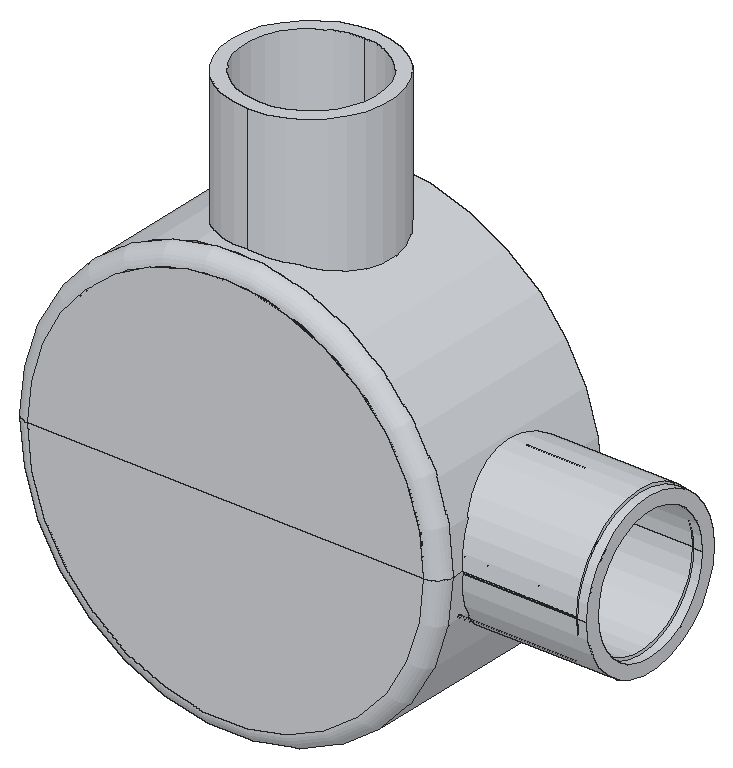
Revit family "MB3G", category Generic Models, Revit 2017
Family settings
  Can host rebar = No
  Round Connector Dimension = Use Diameter
  Part Type = Normal
  Work Plane-Based = No
  Always vertical = Yes
  Cut with Voids When Loaded = No
  Shared = No
  Room Calculation Point = No
Parameters (values of type "NBS Standard Parameters")
  Weight = "0.2213Kg"
  WarrantyStartDate [instance] = "1900-12-31T23:59:59"
  WarrantyGuarantorParts = "n/a"
  WarrantyGuarantorLabor = "n/a"
  WarrantyDurationUnit = "1 year"
  WarrantyDurationParts = "n/a"
  WarrantyDurationLabor = "n/a"
  WarrantyDescription = "n/a"
  Version = "1"
  Uniclass2 = "Pr_65_70_11_20"
  TagNumber [instance] = "n/a"
  SustainabilityPerformance = "n/a"
  Size = "20mm"
  Shape = "Circular"
  SerialNumber [instance] = "n/a"
  Revision = "n/a"
  ReplacementCost = "n/a"
  ProductInformation = "www.metpro.co.uk/pdf/mb3g.pdf"
  NominalWidth = 66 mm
  NominalLength = 66 mm
  NominalHeight = 30 mm
  Name = ""
  NBSTypeID = ""
  NBSReference = "90-55-10/460"
  NBSOfficeMasterTag = ""
  NBSNote = ""
  NBSDescription = "Conduit Fittings"
  NBSCertification = ""
  ModelReference = "MB3G"
  ModelNumber = "n/a"
  Material = "Malleable Iron"
  ManufacturerURL = "www.metpro.co.uk"
  ManufacturerName = "Metpro Ltd"
  Keynote = "Compliant to LU Standard 1-085"
  InstallationDate [instance] = "1900-12-31T23:59:59"
  IfcExportType = ""
  IfcExportAs = ""
  Grade = "n/a"
  Finish = "Galvanised"
  Features = "n/a"
  ExpectedLife = "n/a"
  DurationUnit = "year"
  Description = "MB3G - 20mm Angle Malleable Conduit Box"
  Constituents = "n/a"
  Color = "n/a"
  CodePerformance = "n/a"
  Category = "n/a"
  BarCode [instance] = "n/a"
  BIMObjectName = "Metpro_Metprolibrary_Conduitfittings_Metalcomponent_ Malleablecircularbox"
  Author = ""
  AssetType = ""
  AssetIdentifier [instance] = "n/a"
  AccessibilityPerformance = "n/a"
Reference planes
  plane 1 "Center (Front/Back)": y = 0
  plane 2: z = 0
  plane 3 "Center (Left/Right)": x = 0
Forms (mm)
  Revolve 1, solid
    sketch origin (-60.181, -103.818, 0) x (1, 0, 0) y (0, 1, 0)
      loop
        line (-32.5, 40.541) -> (-32.5, 12.5)
        arc (-32.5, 12.5) -> (-31.768, 10.732) -> (-30, 10) r 2.5
        line (-30, 10) -> (0, 10) -> (0, 12.541) -> (-27, 12.541)
        arc (-27, 12.541) -> (-29.121, 13.42) -> (-30, 15.541) r 3
        line (-30, 15.541) -> (-30, 40.541) -> (-32.5, 40.541)
      axis (0, 10) -> (0, 40.541)
    angle from 0 to 360
  Extrusion 2, solid
    sketch origin (-60.181, -63.277, 0) x (0, 0, -1) y (-1, 0, 0)
      loop
        arc (-13.805, -21.577) -> (-13.887, -16.02) -> (-19.441, -15.821) r 4.033
        line (-19.441, -15.821) -> (-22.946, -19.326)
        arc (-22.946, -19.326) -> (-20.14, -22.235) -> (-16.968, -24.74) r 30
        line (-16.968, -24.74) -> (-13.805, -21.577)
      loop
        circle (-16.769, -18.842) r 1.752
      loop
        line (21.577, 13.805) -> (24.74, 16.968)
        arc (24.74, 16.968) -> (22.235, 20.14) -> (19.326, 22.946) r 30
        line (19.326, 22.946) -> (15.821, 19.441)
        arc (15.821, 19.441) -> (16.02, 13.887) -> (21.577, 13.805) r 4.033
      loop
        circle (18.842, 16.769) r 1.752
    from -2.5 to 0
  Extrusion 3, void
    sketch origin (-60.181, -103.818, 0) x (0, 1, 0) y (0, 0, 1)
      loop
        circle (27.754, 0.168) r 10
    from -9.212 to 50
  Extrusion 4, solid
    sketch origin (-60.181, -102.568, 0) x (0, 1, 0) y (0, 0, 1)
      loop
        circle (24.629, 0.168) r 12
      loop
        circle (24.629, 0.168) r 10
    from 28.88 to 50
  Extrusion 5, solid
    sketch origin (-60.181, -102.568, 1.5) x (0, 1, 0) y (-1, 0, 0)
      loop
        circle (24.629, -0.168) r 10
      loop
        circle (24.629, -0.168) r 12
    from 24.792 to 50
  Extrusion 6, void
    sketch origin (-60.181, -63.277, 0) x (0, 0, 1) y (-1, 0, 0)
      loop
        arc (26.292, -14.448) -> (30, 0) -> (26.292, 14.448) r 30
        line (26.292, 14.448) -> (26.292, -14.448)
    from 0 to 31.563
  Extrusion 7, solid
    sketch origin (-58.681, -102.568, 0) x (0, 1, 0) y (0, 0, 1)
      loop
        circle (24.629, -0.168) r 10
      loop
        circle (24.629, -0.168) r 12
    from 24.792 to 50
  Extrusion 8, void
    sketch origin (-60.181, -63.277, 0) x (0, 0, 1) y (-1, 0, 0)
      loop
        arc (16.968, -24.74) -> (1.235, -23.56) -> (-14.289, -26.378) r 62.178
        arc (-14.289, -26.378) -> (1.57, -29.959) -> (16.968, -24.74) r 30
    from 0 to 34.804
  Extrusion 9, void
    sketch origin (-60.181, -102.568, 51.5) x (-1, 0, 0) y (0, 1, 0)
      loop
        circle (-0.168, 24.629) r 10
    from 0 to 52.978
  Revolve 10, solid, not visible
    sketch origin (-60.181, -103.818, 0) x (1, 0, 0) y (0, 1, 0)
      loop
        line (-32.5, 40.541) -> (-32.5, 12.5)
        arc (-32.5, 12.5) -> (-31.768, 10.732) -> (-30, 10) r 2.5
        line (-30, 10) -> (0, 10) -> (0, 12.541) -> (-27, 12.541)
        arc (-27, 12.541) -> (-29.121, 13.42) -> (-30, 15.541) r 3
        line (-30, 15.541) -> (-30, 40.541) -> (-32.5, 40.541)
      axis (0, 10) -> (0, 40.541)
    angle from 0 to 360
  Extrusion 11, solid, not visible
    sketch origin (-60.181, -63.277, 0) x (0, 0, -1) y (-1, 0, 0)
      loop
        arc (-13.805, -21.577) -> (-13.887, -16.02) -> (-19.441, -15.821) r 4.033
        line (-19.441, -15.821) -> (-22.946, -19.326)
        arc (-22.946, -19.326) -> (-20.14, -22.235) -> (-16.968, -24.74) r 30
        line (-16.968, -24.74) -> (-13.805, -21.577)
      loop
        circle (-16.769, -18.842) r 1.752
      loop
        line (21.577, 13.805) -> (24.74, 16.968)
        arc (24.74, 16.968) -> (22.235, 20.14) -> (19.326, 22.946) r 30
        line (19.326, 22.946) -> (15.821, 19.441)
        arc (15.821, 19.441) -> (16.02, 13.887) -> (21.577, 13.805) r 4.033
      loop
        circle (18.842, 16.769) r 1.752
    from -2.5 to 0
  Extrusion 12, void, not visible
    sketch origin (-60.181, -103.818, 0) x (0, 1, 0) y (0, 0, 1)
      loop
        circle (27.754, 0.168) r 10
    from -9.212 to 50
  Extrusion 13, solid, not visible
    sketch origin (-60.181, -102.568, 1.5) x (0, 1, 0) y (-1, 0, 0)
      loop
        circle (24.629, -0.168) r 10
      loop
        circle (24.629, -0.168) r 12
    from 24.792 to 50
  Extrusion 14, void, not visible
    sketch origin (-60.181, -63.277, 0) x (0, 0, 1) y (-1, 0, 0)
      loop
        arc (26.292, -14.448) -> (30, 0) -> (26.292, 14.448) r 30
        line (26.292, 14.448) -> (26.292, -14.448)
    from 0 to 31.563
  Extrusion 15, solid, not visible
    sketch origin (-58.681, -102.568, 0) x (0, 1, 0) y (0, 0, 1)
      loop
        circle (24.629, -0.168) r 10
      loop
        circle (24.629, -0.168) r 12
    from 24.792 to 50
  Extrusion 16, void, not visible
    sketch origin (-60.181, -63.277, 0) x (0, 0, 1) y (-1, 0, 0)
      loop
        arc (16.968, -24.74) -> (1.235, -23.56) -> (-14.289, -26.378) r 62.178
        arc (-14.289, -26.378) -> (1.57, -29.959) -> (16.968, -24.74) r 30
    from 0 to 34.804
  Extrusion 17, void, not visible
    sketch origin (-60.181, -102.568, 51.5) x (-1, 0, 0) y (0, 1, 0)
      loop
        circle (-0.168, 24.629) r 10
    from 0 to 52.978
Cuts and joins
  Extrusion 3, Extrusion 9 cuts Revolve 1
  Extrusion 6, Extrusion 9 cuts Extrusion 5
  Extrusion 8 cuts Extrusion 7
Dimensions and locks
  aligned and locked: level to plane 2
